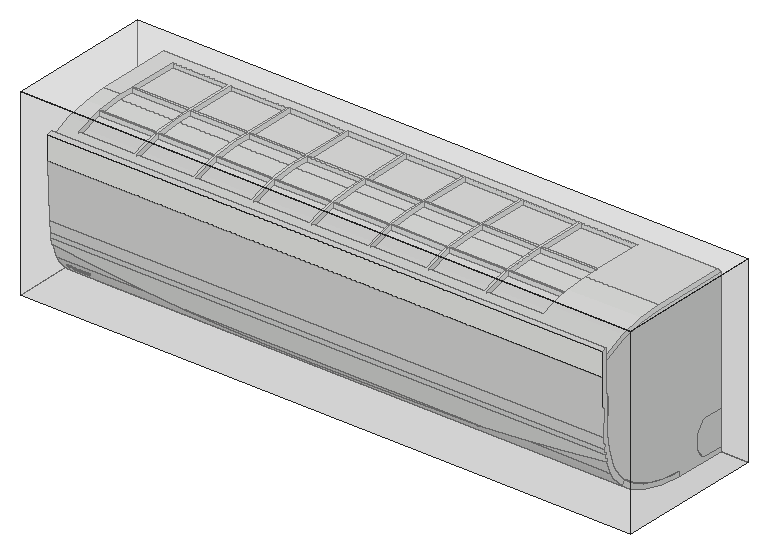
Revit family "outputfile", category 機械設備, Revit 2024 (continued)
Definition of nested family "DAIKIN_indoorunit_CTKC-WVMG"
  Automatic sketch dimensions
    Extrusion 20 sketch curve to Extrusion 20 sketch curve = 1.354 mm
    Extrusion 20 sketch curve to level = 72.0 mm
    Extrusion 20 sketch curve to Extrusion 20 sketch curve = 0.504 mm
    Extrusion 20 sketch curve to Extrusion 20 sketch curve = 98.416 mm
    Extrusion 20 sketch curve to Extrusion 20 sketch curve = 0.896 mm
    Extrusion 20 sketch curve to Extrusion 20 sketch curve = 76.3 mm
    Extrusion 20 sketch curve to Extrusion 20 sketch curve = 7.433 mm
    Extrusion 20 sketch curve to Extrusion 20 sketch curve = 26.684 mm
    Extrusion 20 sketch curve to Extrusion 20 sketch curve = 8.909 mm
    plane 1 "Center (Front/Back)" to Extrusion 21 sketch curve = 218.957 mm
    Extrusion 21 sketch curve to Extrusion 21 sketch curve = 5.601 mm
    Extrusion 21 sketch curve to Extrusion 21 sketch curve = 65.735 mm
    Extrusion 21 sketch curve to Extrusion 21 sketch curve = 1.462 mm
    Extrusion 21 sketch curve to Extrusion 21 sketch curve = 83.356 mm
    plane 1 "Center (Front/Back)" to Extrusion 21 sketch curve = 92.093 mm
    Extrusion 21 sketch curve to Extrusion 21 sketch curve = 1.354 mm
    Extrusion 21 sketch curve to level = 291.755 mm
    Extrusion 21 sketch curve to Extrusion 21 sketch curve = 8.588 mm
    Extrusion 21 sketch curve to Extrusion 21 sketch curve = 29.018 mm
    Extrusion 21 sketch curve to Extrusion 21 sketch curve = 7.433 mm
    Extrusion 21 sketch curve to Extrusion 21 sketch curve = 75.403 mm
    Extrusion 21 sketch curve to Extrusion 21 sketch curve = 0.896 mm
    Extrusion 21 sketch curve to level = 72.504 mm
    Extrusion 21 sketch curve to Extrusion 21 sketch curve = 0.504 mm
    plane 1 "Center (Front/Back)" to Extrusion 22 sketch curve = 164.0 mm
    Extrusion 22 sketch curve to Extrusion 22 sketch curve = 34.0 mm
    plane 1 "Center (Front/Back)" to Extrusion 22 sketch curve = 92.093 mm
    Extrusion 22 sketch curve to Extrusion 22 sketch curve = 1.354 mm
    Extrusion 22 sketch curve to level = 291.755 mm
    Extrusion 22 sketch curve to Extrusion 22 sketch curve = 8.588 mm
    Extrusion 22 sketch curve to Extrusion 22 sketch curve = 0.077 mm
    Extrusion 22 sketch curve to Extrusion 22 sketch curve = 9.207 mm
    plane 1 "Center (Front/Back)" to Extrusion 23 sketch curve = 218.957 mm
    Extrusion 23 sketch curve to Extrusion 23 sketch curve = 5.601 mm
    Extrusion 23 sketch curve to Extrusion 23 sketch curve = 49.356 mm
    Extrusion 23 sketch curve to Extrusion 23 sketch curve = 65.735 mm
    Extrusion 23 sketch curve to Extrusion 23 sketch curve = 1.462 mm
    plane 1 "Center (Front/Back)" to Extrusion 23 sketch curve = 92.093 mm
    Extrusion 23 sketch curve to Extrusion 23 sketch curve = 1.354 mm
    Extrusion 23 sketch curve to level = 283.089 mm
    Extrusion 23 sketch curve to Extrusion 23 sketch curve = 9.207 mm
    Extrusion 23 sketch curve to Extrusion 23 sketch curve = 19.733 mm
    Extrusion 23 sketch curve to Extrusion 23 sketch curve = 7.433 mm
    Extrusion 23 sketch curve to Extrusion 23 sketch curve = 75.403 mm
    Extrusion 23 sketch curve to Extrusion 23 sketch curve = 0.896 mm
    Extrusion 23 sketch curve to level = 72.504 mm
    Extrusion 23 sketch curve to Extrusion 23 sketch curve = 0.504 mm
    Extrusion 24 sketch curve to level = 276.055 mm
    plane 1 "Center (Front/Back)" to Extrusion 24 sketch curve = 639.709 mm
    plane 1 "Center (Front/Back)" to Extrusion 24 sketch curve = 258.299 mm
    Extrusion 24 sketch curve to Extrusion 24 sketch curve = 2.64 mm
    Extrusion 24 sketch curve to Extrusion 24 sketch curve = 35.942 mm
    Extrusion 24 sketch curve to Extrusion 24 sketch curve = 1.937 mm
    Extrusion 24 sketch curve to Extrusion 24 sketch curve = 20.299 mm
    Extrusion 24 sketch curve to Extrusion 24 sketch curve = 45.88 mm
    Extrusion 24 sketch curve to Extrusion 24 sketch curve = 41.737 mm
    Extrusion 24 sketch curve to Extrusion 24 sketch curve = 13.741 mm
    Extrusion 24 sketch curve to Extrusion 24 sketch curve = 3.448 mm
    Extrusion 24 sketch curve to level = 253.495 mm
    Extrusion 24 sketch curve to Extrusion 24 sketch curve = 2.571 mm
    Extrusion 24 sketch curve to Extrusion 24 sketch curve = 37.558 mm
    Extrusion 24 sketch curve to Extrusion 24 sketch curve = 33.63 mm
    Extrusion 24 sketch curve to Extrusion 24 sketch curve = 0.492 mm
    Extrusion 24 sketch curve to Extrusion 24 sketch curve = 40.059 mm
    Extrusion 24 sketch curve to Extrusion 24 sketch curve = 22.435 mm
    Extrusion 24 sketch curve to Extrusion 24 sketch curve = 1.992 mm
    Extrusion 24 sketch curve to Extrusion 24 sketch curve = 37.063 mm
    Extrusion 24 sketch curve to Extrusion 24 sketch curve = 0.0 mm
    Extrusion 24 sketch curve to Extrusion 24 sketch curve = 4.147 mm
    Extrusion 25 sketch curve to Extrusion 25 sketch curve = 0.0 mm  (x4)
    Extrusion 25 sketch curve to plane 1 "Center (Front/Back)" = 0.0 mm
    plane 1 "Center (Front/Back)" to Extrusion 25 sketch curve = 87.233 mm
    Extrusion 25 sketch curve to Extrusion 25 sketch curve = 3.506 mm
    Extrusion 25 sketch curve to Extrusion 25 sketch curve = 92.593 mm
    Extrusion 25 sketch curve to Extrusion 25 sketch curve = 45.42 mm
    Extrusion 25 sketch curve to Extrusion 25 sketch curve = 58.927 mm
    Extrusion 25 sketch curve to Extrusion 25 sketch curve = 74.393 mm
    Extrusion 25 sketch curve to Extrusion 25 sketch curve = 2.031 mm
    Extrusion 25 sketch curve to level = 58.927 mm
    Extrusion 25 sketch curve to plane 1 "Center (Front/Back)" = 1866.935 mm
    Extrusion 25 sketch curve to level = 72.504 mm
    Extrusion 25 sketch curve to Extrusion 25 sketch curve = 74.381 mm
    Extrusion 25 sketch curve to Extrusion 25 sketch curve = 24.427 mm
    Extrusion 25 sketch curve to Extrusion 25 sketch curve = 74.426 mm
    Extrusion 25 sketch curve to Extrusion 25 sketch curve = 0.483 mm
    Extrusion 25 sketch curve to Extrusion 25 sketch curve = 4.137 mm
    Extrusion 25 sketch curve to Extrusion 25 sketch curve = 31.393 mm
    Extrusion 25 sketch curve to Extrusion 25 sketch curve = 9.215 mm
    Extrusion 25 sketch curve to level = 8.0 mm
    Extrusion 26 sketch curve to plane 1 "Center (Front/Back)" = 0.0 mm
    Extrusion 26 sketch curve to Extrusion 26 sketch curve = 20.0 mm  (x2)
    Extrusion 26 sketch curve to level = 287.035 mm
    Extrusion 27 sketch curve to plane 1 "Center (Front/Back)" = 0.0 mm
    Extrusion 27 sketch curve to Extrusion 27 sketch curve = 20.0 mm  (x2)
    Extrusion 27 sketch curve to level = 287.035 mm
    plane 1 "Center (Front/Back)" to Extrusion 28 sketch curve = 0.0 mm  (x2)
    plane 3 "Center (Left/Right)" to Extrusion 28 sketch curve = 469.0 mm
    Extrusion 28 sketch curve to Extrusion 28 sketch curve = 20.0 mm  (x4)
    Extrusion 28 sketch curve to plane 3 "Center (Left/Right)" = 409.0 mm
  Nested families
    nested 1: "daikin_logo_plane_w40" at (-320, -198.871, -233.244) x (1, 0, 0) z (0, -0.7841, -0.6206), visible <- "switch_unit1_20-46", type "daikin_logo_plane_w40"
      with show_logo yes
    nested 2: "daikin_logo_plane_w40" at (-430, -237.74, -233.244) x (1, 0, 0) z (0, -0.7841, -0.6206), visible <- "switch_unit1_50-71", type "daikin_logo_plane_w40"
      with show_logo yes
  Definition of nested family "daikin_logo_plane_w40"
    Parameters (values of type "daikin_logo_plane_w40")
      width = 40.0 mm
      show_logo [instance] = yes
      material = none
      height = 0.0 mm
      depth = 0.0 mm
      Default Elevation = 1219.2 mm
    Reference planes
      plane 1 "Center (Front/Back)": y = 0
      plane 2: z = 0
      plane 3 "Center (Left/Right)": x = 0
      plane 4: z = 2
      plane 5 "left": x = -19
      plane 6: x = 19
    Forms (mm)
      Extrusion 1, solid, visible <- "show_logo"
        sketch origin (-19, 0, 0) x (1, 0, 0) y (0, 1, 0)
          loop
            line (8.902, -1.878) -> (7.789, -6.332) -> (11.13, -6.332)
            arc (11.13, -6.332) -> (12.454, -6.064) -> (13.472, -5.176) r 2.642
            arc (13.472, -5.176) -> (13.92, -4.02) -> (13.767, -2.79) r 2.537
            arc (13.767, -2.79) -> (13.452, -2.342) -> (12.982, -2.06) r 1.321
            arc (12.982, -2.06) -> (12.063, -1.902) -> (11.13, -1.878) r 6.479
            line (11.13, -1.878) -> (8.902, -1.878)
          loop
            line (10.016, -5.441) -> (10.907, -5.441)
            arc (10.907, -5.441) -> (11.591, -4.983) -> (11.988, -4.261) r 1.742
            spline (11.988, -4.261) -> (12.01, -4.155) -> (12.027, -4.03) -> (12.037, -3.893) -> (12.037, -3.747) -> (12.026, -3.598) -> (12.002, -3.451) -> (11.962, -3.31) -> (11.905, -3.181) -> (11.829, -3.069) -> (11.731, -2.978) -> (11.61, -2.913) -> (11.464, -2.88)
            line (11.464, -2.88) -> (10.573, -2.88) -> (10.016, -5.441)
          loop
            line (13.58, -6.332) -> (14.805, -6.332) -> (15.223, -5.553) -> (16.977, -5.553) -> (17.144, -6.332) -> (19.149, -6.332) -> (18.258, -1.878) -> (16.03, -1.878) -> (13.58, -6.332)
          loop
            line (16.476, -3.214) -> (15.76, -4.551) -> (16.762, -4.551) -> (16.476, -3.214)
          loop
            line (19.705, -6.332) -> (21.599, -6.332) -> (22.712, -1.878) -> (20.819, -1.878) -> (19.705, -6.332)
          loop
            line (22.712, -6.332) -> (24.606, -6.332) -> (24.908, -5.122) -> (25.831, -6.332) -> (28.17, -6.332) -> (26.388, -3.994) -> (28.949, -1.878) -> (26.945, -1.878) -> (25.401, -3.153) -> (25.719, -1.878) -> (23.826, -1.878) -> (22.712, -6.332)
          loop
            line (29.84, -1.878) -> (28.615, -6.332) -> (30.62, -6.332) -> (31.734, -1.878) -> (29.84, -1.878)
          loop
            line (31.734, -6.332) -> (33.07, -6.332) -> (33.7, -3.814) -> (34.518, -6.332) -> (36.745, -6.332) -> (37.859, -1.878) -> (36.523, -1.878) -> (35.845, -4.589) -> (34.963, -1.878) -> (32.847, -1.878) -> (31.734, -6.332)
        from 0 to 2
      Extrusion 2, solid, visible <- "show_logo"
        sketch origin (-19, 0, 0) x (1, 0, 0) y (0, 1, 0)
          loop
            line (8.7, 0) -> (4.235, 0) -> (0, -3.879) -> (0, -8) -> (8.7, 0)
        from 0 to 2
      Extrusion 3, solid, visible <- "show_logo"
        sketch origin (-19, 0, 0) x (1, 0, 0) y (0, 1, 0)
          loop
            line (0, 0) -> (0, -3.879) -> (4.235, 0) -> (0, 0)
        from 0 to 2
    Dimensions and locks
      plane 4 to plane 2 = 2.0 mm
      equal spacing: plane 5 "left", plane 3 "Center (Left/Right)", plane 6
      locked: plane 5 "left" to plane 6 at 38
      aligned and locked: level to plane 2
      aligned and locked: Extrusion 3 to plane 1 "Center (Front/Back)"  (x2)
      aligned and locked: Extrusion 2 to plane 1 "Center (Front/Back)"  (x2)
      aligned and locked: plane 4 to Extrusion 1
      aligned and locked: plane 4 to Extrusion 3
      aligned and locked: plane 4 to Extrusion 2
      aligned and locked: Extrusion 3 to plane 5 "left"
      aligned and locked: Extrusion 2 to plane 5 "left"
    Automatic sketch dimensions
      Extrusion 1 sketch curve to Extrusion 1 sketch curve = 0.901 mm
      Extrusion 1 sketch curve to Extrusion 1 sketch curve = 1.559 mm
      Extrusion 1 sketch curve to Extrusion 1 sketch curve = 1.327 mm
      Extrusion 1 sketch curve to Extrusion 1 sketch curve = 2.145 mm
      Extrusion 1 sketch curve to Extrusion 1 sketch curve = 1.448 mm
      Extrusion 1 sketch curve to Extrusion 1 sketch curve = 2.116 mm
      Extrusion 1 sketch curve to Extrusion 1 sketch curve = 1.114 mm  (x4)
      Extrusion 1 sketch curve to Extrusion 1 sketch curve = 1.336 mm  (x2)
      plane 1 "Center (Front/Back)" to Extrusion 1 sketch curve = 1.878 mm  (x5)
      Extrusion 1 sketch curve to Extrusion 1 sketch curve = 1.893 mm  (x5)
      Extrusion 1 sketch curve to Extrusion 1 sketch curve = 0.891 mm  (x4)
      Extrusion 1 sketch curve to Extrusion 1 sketch curve = 2.005 mm  (x3)
      Extrusion 1 sketch curve to Extrusion 1 sketch curve = 0.445 mm  (x2)
      plane 1 "Center (Front/Back)" to Extrusion 1 sketch curve = 3.994 mm
      Extrusion 1 sketch curve to Extrusion 1 sketch curve = 0.557 mm  (x2)
      Extrusion 1 sketch curve to Extrusion 1 sketch curve = 2.339 mm  (x2)
      Extrusion 1 sketch curve to Extrusion 1 sketch curve = 1.225 mm  (x3)
      plane 1 "Center (Front/Back)" to Extrusion 1 sketch curve = 3.153 mm
      Extrusion 1 sketch curve to Extrusion 1 sketch curve = 0.987 mm
      plane 1 "Center (Front/Back)" to Extrusion 1 sketch curve = 5.122 mm
      Extrusion 1 sketch curve to Extrusion 1 sketch curve = 0.922 mm
      plane 1 "Center (Front/Back)" to Extrusion 1 sketch curve = 6.332 mm
      Extrusion 1 sketch curve to Extrusion 1 sketch curve = 2.562 mm
      plane 1 "Center (Front/Back)" to Extrusion 1 sketch curve = 5.553 mm
      Extrusion 1 sketch curve to Extrusion 1 sketch curve = 0.167 mm
      Extrusion 1 sketch curve to Extrusion 1 sketch curve = 0.215 mm
      plane 1 "Center (Front/Back)" to Extrusion 1 sketch curve = 3.214 mm
      Extrusion 1 sketch curve to Extrusion 1 sketch curve = 0.286 mm
      plane 1 "Center (Front/Back)" to Extrusion 1 sketch curve = 4.551 mm
      Extrusion 1 sketch curve to Extrusion 1 sketch curve = 1.002 mm
      Extrusion 1 sketch curve to Extrusion 1 sketch curve = 0.537 mm
      Extrusion 1 sketch curve to Extrusion 1 sketch curve = 0.418 mm
      Extrusion 1 sketch curve to Extrusion 1 sketch curve = 1.028 mm
      plane 1 "Center (Front/Back)" to Extrusion 1 sketch curve = 4.261 mm
      Extrusion 1 sketch curve to Extrusion 1 sketch curve = 0.563 mm
      plane 1 "Center (Front/Back)" to Extrusion 1 sketch curve = 2.88 mm
      Extrusion 1 sketch curve to Extrusion 1 sketch curve = 1.088 mm
      Extrusion 1 sketch curve to Extrusion 1 sketch curve = 2.152 mm
      Extrusion 1 sketch curve to Extrusion 1 sketch curve = 0.586 mm
      Extrusion 1 sketch curve to Extrusion 1 sketch curve = 0.118 mm
      Extrusion 1 sketch curve to Extrusion 1 sketch curve = 0.298 mm
      Extrusion 1 sketch curve to Extrusion 1 sketch curve = 0.334 mm
      Extrusion 1 sketch curve to Extrusion 1 sketch curve = 0.223 mm
      Extrusion 1 sketch curve to Extrusion 1 sketch curve = 0.266 mm
      Extrusion 1 sketch curve to Extrusion 1 sketch curve = 1.671 mm
      Extrusion 1 sketch curve to Extrusion 1 sketch curve = 2.227 mm
      Extrusion 1 sketch curve to Extrusion 1 sketch curve = 0.0 mm  (x7)
      Extrusion 1 sketch curve to Extrusion 1 sketch curve = 3.453 mm
      Extrusion 1 sketch curve to Extrusion 1 sketch curve = 2.017 mm
      Extrusion 1 sketch curve to Extrusion 1 sketch curve = 0.78 mm  (x2)
      Extrusion 1 sketch curve to Extrusion 1 sketch curve = 1.743 mm
      Extrusion 1 sketch curve to Extrusion 1 sketch curve = 0.775 mm
      Extrusion 1 sketch curve to Extrusion 1 sketch curve = 0.552 mm
      Extrusion 1 sketch curve to Extrusion 1 sketch curve = 0.014 mm
      Extrusion 1 sketch curve to Extrusion 1 sketch curve = 0.952 mm
      Extrusion 1 sketch curve to Extrusion 1 sketch curve = 1.215 mm
      Extrusion 1 sketch curve to Extrusion 1 sketch curve = 0.108 mm
      plane 1 "Center (Front/Back)" to Extrusion 2 sketch curve = 0.0 mm
      Extrusion 2 sketch curve to plane 3 "Center (Left/Right)" = 19.0 mm
      Extrusion 2 sketch curve to plane 3 "Center (Left/Right)" = 14.765 mm
      Extrusion 2 sketch curve to Extrusion 2 sketch curve = 4.465 mm
      plane 1 "Center (Front/Back)" to Extrusion 2 sketch curve = 3.879 mm
      Extrusion 2 sketch curve to Extrusion 2 sketch curve = 4.12 mm
      plane 1 "Center (Front/Back)" to Extrusion 3 sketch curve = 0.0 mm
      Extrusion 3 sketch curve to plane 3 "Center (Left/Right)" = 19.0 mm
      Extrusion 3 sketch curve to plane 3 "Center (Left/Right)" = 14.765 mm
      plane 1 "Center (Front/Back)" to Extrusion 3 sketch curve = 3.879 mm
      Extrusion 1 sketch curve to plane 3 "Center (Left/Right)" = 11.211 mm
      Extrusion 1 sketch curve to Extrusion 1 sketch curve = 1.782 mm
Definition of nested family "daikin_connector_rotate3"
  Parameters (values of type "daikin_connector_rotate3")
    show [instance] = yes
    radius [instance] = 10.0 mm
    length [instance] = 600.0 mm
    angle_horizontal [instance] = 60.00°
    angle_vertical [instance] = 90.00°
    Default Elevation = 1219.2 mm
  Reference planes
    plane 1 "Center (Front/Back)": y = 0
    plane 2: z = 0
    plane 3 "Center (Left/Right)": x = 0
  Dimensions and locks
    "angle_horizontal": angle plane 3 "Center (Left/Right)" to nested 1
    aligned and locked: level to plane 2
    aligned and locked: plane 1 "Center (Front/Back)" to nested 1  (x2)
    aligned and locked: plane 3 "Center (Left/Right)" to nested 1
  Nested families
    nested 1: "daikin_connector_rotate2" at (0, 0, 0) x (0.5, 0.866, 0) z (0, 0, 1), angle_vertical <- "angle_vertical", length <- "length", radius <- "radius", type "daikin_connector_rotate2"
      with radius 10.0 mm, length 600.0 mm, angle_vertical 90.00°
  Definition of nested family "daikin_connector_rotate2"
    Parameters (values of type "daikin_connector_rotate2")
      show_face = yes
      radius [instance] = 10.0 mm
      length [instance] = 600.0 mm
      d_surface = 10.0 mm
      angle_vertical [instance] = 90.00°
      Default Elevation = 0.0 mm
    Reference planes
      plane 1 "Center (Front/Back)": y = 0
      plane 2: z = 0
      plane 3 "Center (Left/Right)": x = 0
    Forms (mm)
      Extrusion 1, solid, visible <- "show_face"
        sketch origin (0, -600, 0) x (1, 0, 0) y (0, 0, 1)
          loop
            circle (0, 0) r 10
        from 0 to -10
    Lines and regions (mm)
      reference lines
        curve 1: line (0, 0, 0) -> (0, -600, 0)
      symbolic lines
        curve 2: circle (0, 0, 0) r 5 normal (0, 0, 1)
      model lines, visible <- "show_face"
        curve 3: line (0, 0, 0) -> (0, -600, 0)
    Dimensions and locks
      "length": curve 1 to curve 1
      "length": curve 3 to curve 3
      "d_surface": Extrusion 1 to Extrusion 1
      "radius": radius of Extrusion 1 sketch curve
      "angle_vertical": angle curve 1 to plane 1 "Center (Front/Back)"
      "angle_vertical": angle curve 3 to plane 1 "Center (Front/Back)"
      aligned and locked: level to plane 2
      aligned and locked: plane 1 "Center (Front/Back)" to curve 1
      aligned and locked: plane 2 to curve 1
      aligned and locked: plane 1 "Center (Front/Back)" to curve 2
      aligned and locked: plane 3 "Center (Left/Right)" to curve 2
      aligned and locked: plane 1 "Center (Front/Back)" to curve 3
      aligned and locked: plane 2 to curve 3
      aligned and locked: Extrusion 1 to Extrusion 1
    Automatic sketch dimensions
      Extrusion 1 sketch curve to level = 0.0 mm
      Extrusion 1 sketch curve to plane 3 "Center (Left/Right)" = 0.0 mm
      radius of curve 2 = 5.0 mm
